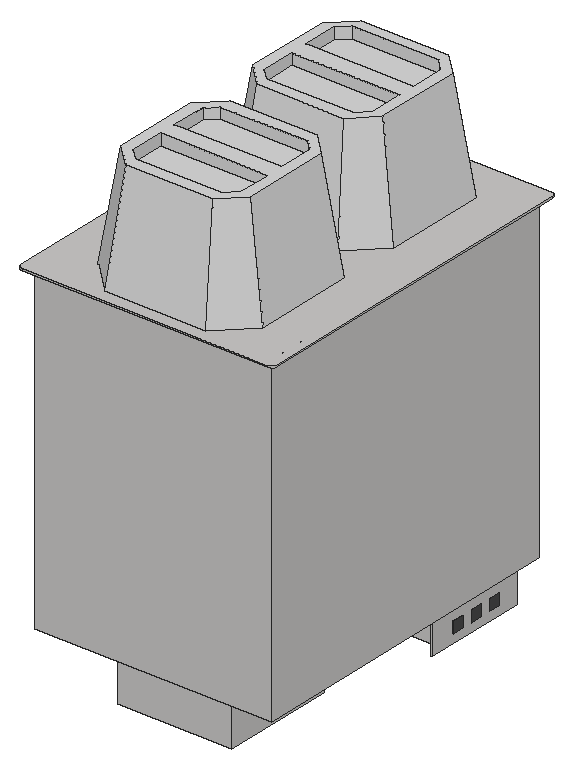
Revit family "QF_ELECTROLUXPROFESSIONAL_341165_D33H", category Attrezzature speciali, Revit 2018
Family settings
  Quota connettore circolare = Usa diametro
  Tipo di parte = Normale
  Basato su piano di lavoro = No
  Sempre verticale = Sì
  Taglio con vuoti quando caricato = No
  Condiviso = No
  Punto di calcolo locali = No
Parameters (values of type "Standard")
  Weight = 0.00 kg
  Watts = 0 W
  Volts = 0 V
  URL Manufacturer = "https://www.electroluxprofessional.com/"
  URL = "https://www.electroluxprofessional.com/"
  Steam Supply Size = 0 mm
  Steam Supply Minimum Pressure = 0.0 Pa
  Steam Supply Maximum Pressure = 0.0 Pa
  Steam Consumption per Hour = 0
  Show Clearance [instance] = yes
  Refrigeration Suction Line Size = 0 mm
  Refrigeration Liquid Line Size = 0 mm
  Refrigerant Compressor Remote = yes
  Produttore = "Electrolux Professional"
  Phase = 0
  Modello = "D33H"
  Length Actual = 0 mm  # constant formula
  Item Number = "341165"
  Hot Water Size = 0 mm
  Height Actual = 0 mm  # constant formula
  HP = "0 HP"
  Gas Size = 0 mm
  Gas KW = 0
  Gas Input Pressure = 0 W
  Direct Waste Size = 0 mm
  Descrizione = "DROP-IN DOUBLE CYLINDERS PLATE DISPENSER HEATED, PLATE DIAMETER 180-240 MM"
  Depth Actual = 0 mm  # constant formula
  Cycle = 0 Hz
  Controller_Y [instance] = 500 mm
  Controller_1Z [instance] = 300 mm
  Controller_1X [instance] = 400 mm
  Condensate Return Size = 0 mm
  Compressed Air Volume = 0.0 L/s
  Compressed Air Size = 0 mm
  Compressed Air Pressure = 0.0 Pa
  Cold Water Size = 0 mm
  Accessory = yes
Reference planes
  plane 1 "Centro (Fronte/Retro)": y = 74.737
  plane 2: z = 0
  plane 3 "BACK": y = 384.737
  plane 4 "FRONT": y = -235.263
  plane 5 "RIGHT": x = -289.269
  plane 6 "LEFT": x = -739.269
  plane 7: x = -514.269
  plane 8 "TOP": z = 900
  plane 9: y = 367.737
  plane 10: y = -218.263
  plane 11: x = -306.769
  plane 12: x = -721.769
  plane 13: z = 898
  plane 14: z = 230
  plane 15: z = 624.1
  plane 16: z = 300
  plane 17: y = 264.737
  plane 18: x = -339.269
Forms (mm)
  Extrusion 1, solid, material "QF_Finishes_Stainless Steel"
    sketch origin (0, 0, 900) x (-1, 0, 0) y (0, -1, 0)
      loop
        arc (729.269, -384.737) -> (736.34, -381.808) -> (739.269, -374.737) r 10
        line (739.269, -374.737) -> (739.269, 225.263)
        arc (739.269, 225.263) -> (736.34, 232.334) -> (729.269, 235.263) r 10
        line (729.269, 235.263) -> (299.269, 235.263)
        arc (299.269, 235.263) -> (292.198, 232.334) -> (289.269, 225.263) r 10
        line (289.269, 225.263) -> (289.269, -374.737)
        arc (289.269, -374.737) -> (292.198, -381.808) -> (299.269, -384.737) r 10
        line (299.269, -384.737) -> (729.269, -384.737)
    from 0 to -2
  Extrusion 2, solid, material "QF_Finishes_Stainless Steel"
    sketch origin (0, 0, 900) x (-1, 0, 0) y (0, -1, 0)
      loop
        line (306.769, -367.737) -> (721.769, -367.737) -> (721.769, 218.263) -> (306.769, 218.263) -> (306.769, -367.737)
    from -2 to -570
  Blend 3, solid, material "QF_Plastic-Gray"
    base sketch origin (0, 0, 0) x (1, 0, 0) y (0, 1, 0)
      loop
        line (-603.269, 74.737) -> (-658.269, 19.737) -> (-658.269, -158.263) -> (-603.269, -213.263) -> (-425.269, -213.263) -> (-370.269, -158.263) -> (-370.269, 19.737) -> (-425.269, 74.737) -> (-603.269, 74.737)
    top sketch origin (0, 0, 0) x (1, 0, 0) y (0, 1, 0)
      loop
        line (-590.842, 44.737) -> (-628.269, 7.311) -> (-628.269, -145.837) -> (-590.842, -183.263) -> (-437.695, -183.263) -> (-400.269, -145.837) -> (-400.269, 7.311) -> (-437.695, 44.737) -> (-590.842, 44.737)
    from 900 to 1090
  Extrusion 4, void
    sketch origin (0, 0, 1090) x (0, 1, 0) y (1, 0, 0)
      loop
        line (-163.263, -437.695) -> (-163.263, -590.842) -> (-145.837, -608.269) -> (-84.263, -608.269) -> (-84.263, -418.982) -> (-144.55, -418.982) -> (-163.263, -437.695)
    from 0 to 20
  Extrusion 5, void
    sketch origin (0, -138.526, 1090) x (0, 1, 0) y (1, 0, 0)
      loop
        line (163.263, -437.695) -> (144.55, -418.982) -> (84.263, -418.982) -> (84.263, -608.269) -> (145.837, -608.269) -> (163.263, -590.842) -> (163.263, -437.695)
    from 0 to 20
  Blend 6, solid, material "QF_Plastic-Gray"
    base sketch origin (0, 288, 0) x (1, 0, 0) y (0, 1, 0)
      loop
        line (-603.269, 74.737) -> (-658.269, 19.737) -> (-658.269, -158.263) -> (-603.269, -213.263) -> (-425.269, -213.263) -> (-370.269, -158.263) -> (-370.269, 19.737) -> (-425.269, 74.737) -> (-603.269, 74.737)
    top sketch origin (0, 288, 0) x (1, 0, 0) y (0, 1, 0)
      loop
        line (-590.842, 44.737) -> (-628.269, 7.311) -> (-628.269, -145.837) -> (-590.842, -183.263) -> (-437.695, -183.263) -> (-400.269, -145.837) -> (-400.269, 7.311) -> (-437.695, 44.737) -> (-590.842, 44.737)
    from 900 to 1090
  Extrusion 7, void
    sketch origin (0, 288, 1090) x (0, 1, 0) y (1, 0, 0)
      loop
        line (-163.263, -437.695) -> (-163.263, -590.842) -> (-145.837, -608.269) -> (-84.263, -608.269) -> (-84.263, -418.982) -> (-144.55, -418.982) -> (-163.263, -437.695)
    from 0 to 20
  Extrusion 8, void
    sketch origin (0, 149.474, 1090) x (0, 1, 0) y (1, 0, 0)
      loop
        line (163.263, -437.695) -> (144.55, -418.982) -> (84.263, -418.982) -> (84.263, -608.269) -> (145.837, -608.269) -> (163.263, -590.842) -> (163.263, -437.695)
    from 0 to 20
Cuts and joins
  Extrusion 4, Extrusion 5 cuts Blend 3
  Extrusion 7, Extrusion 8 cuts Blend 6
Lines and regions (mm)
  symbolic lines
    curve 1: line (-299.269, 384.737, 900) -> (-729.269, 384.737, 900)
    curve 2: arc (-729.269, 384.737, 900) -> (-736.34, 381.808, 900) -> (-739.269, 374.737, 900) r 10
    curve 3: line (-739.269, 374.737, 900) -> (-739.269, -225.263, 900)
    curve 4: arc (-739.269, -225.263, 900) -> (-736.34, -232.334, 900) -> (-729.269, -235.263, 900) r 10
    curve 5: line (-729.269, -235.263, 900) -> (-299.269, -235.263, 900)
    curve 6: arc (-299.269, -235.263, 900) -> (-292.198, -232.334, 900) -> (-289.269, -225.263, 900) r 10
    curve 7: line (-289.269, -225.263, 900) -> (-289.269, 374.737, 900)
    curve 8: arc (-289.269, 374.737, 900) -> (-292.198, 381.808, 900) -> (-299.269, 384.737, 900) r 10
    curve 9: line (-658.269, 307.737, 900) -> (-603.269, 362.737, 900)
    curve 10: line (-603.269, 362.737, 900) -> (-425.269, 362.737, 900)
    curve 11: line (-425.269, 362.737, 900) -> (-370.269, 307.737, 900)
    curve 12: line (-370.269, 307.737, 900) -> (-370.269, 129.737, 900)
    curve 13: line (-370.269, 129.737, 900) -> (-425.269, 74.737, 900)
    curve 14: line (-425.269, 74.737, 900) -> (-603.269, 74.737, 900)
    curve 15: line (-603.269, 74.737, 900) -> (-658.269, 129.737, 900)
    curve 16: line (-658.269, 129.737, 900) -> (-658.269, 307.737, 900)
    curve 17: line (-437.695, 332.737, 900) -> (-590.842, 332.737, 900)
    curve 18: line (-590.842, 332.737, 900) -> (-628.269, 295.311, 900)
    curve 19: line (-628.269, 295.311, 900) -> (-628.269, 142.163, 900)
    curve 20: line (-628.269, 142.163, 900) -> (-590.842, 104.737, 900)
    curve 21: line (-590.842, 104.737, 900) -> (-437.695, 104.737, 900)
    curve 22: line (-437.695, 104.737, 900) -> (-400.269, 142.163, 900)
    curve 23: line (-400.269, 142.163, 900) -> (-400.269, 295.311, 900)
    curve 24: line (-400.269, 295.311, 900) -> (-437.695, 332.737, 900)
    curve 25: line (-608.269, 233.737, 900) -> (-608.269, 295.311, 900)
    curve 26: line (-608.269, 295.311, 900) -> (-590.842, 312.737, 900)
    curve 27: line (-590.842, 312.737, 900) -> (-437.695, 312.737, 900)
    curve 28: line (-437.695, 312.737, 900) -> (-418.982, 294.024, 900)
    curve 29: line (-418.982, 294.024, 900) -> (-418.982, 233.737, 900)
    curve 30: line (-418.982, 233.737, 900) -> (-608.269, 233.737, 900)
    curve 31: line (-608.269, 142.163, 900) -> (-608.269, 203.737, 900)
    curve 32: line (-608.269, 203.737, 900) -> (-418.982, 203.737, 900)
    curve 33: line (-418.982, 203.737, 900) -> (-418.982, 143.45, 900)
    curve 34: line (-418.982, 143.45, 900) -> (-437.695, 124.737, 900)
    curve 35: line (-437.695, 124.737, 900) -> (-590.842, 124.737, 900)
    curve 36: line (-590.842, 124.737, 900) -> (-608.269, 142.163, 900)
    curve 37: line (-608.269, -54.263, 900) -> (-608.269, 7.311, 900)
    curve 38: line (-608.269, 7.311, 900) -> (-590.842, 24.737, 900)
    curve 39: line (-590.842, 24.737, 900) -> (-437.695, 24.737, 900)
    curve 40: line (-437.695, 24.737, 900) -> (-418.982, 6.024, 900)
    curve 41: line (-418.982, 6.024, 900) -> (-418.982, -54.263, 900)
    curve 42: line (-418.982, -54.263, 900) -> (-608.269, -54.263, 900)
    curve 43: line (-608.269, -145.837, 900) -> (-608.269, -84.263, 900)
    curve 44: line (-608.269, -84.263, 900) -> (-418.982, -84.263, 900)
    curve 45: line (-418.982, -84.263, 900) -> (-418.982, -144.55, 900)
    curve 46: line (-418.982, -144.55, 900) -> (-437.695, -163.263, 900)
    curve 47: line (-437.695, -163.263, 900) -> (-590.842, -163.263, 900)
    curve 48: line (-590.842, -163.263, 900) -> (-608.269, -145.837, 900)
    curve 49: line (-628.269, 7.311, 900) -> (-628.269, -145.837, 900)
    curve 50: line (-628.269, -145.837, 900) -> (-590.842, -183.263, 900)
    curve 51: line (-590.842, -183.263, 900) -> (-437.695, -183.263, 900)
    curve 52: line (-437.695, -183.263, 900) -> (-400.269, -145.837, 900)
    curve 53: line (-400.269, -145.837, 900) -> (-400.269, 7.311, 900)
    curve 54: line (-400.269, 7.311, 900) -> (-437.695, 44.737, 900)
    curve 55: line (-437.695, 44.737, 900) -> (-590.842, 44.737, 900)
    curve 56: line (-590.842, 44.737, 900) -> (-628.269, 7.311, 900)
    curve 57: line (-658.269, 19.737, 900) -> (-603.269, 74.737, 900)
    curve 58: line (-658.269, -158.263, 900) -> (-658.269, 19.737, 900)
    curve 59: line (-603.269, -213.263, 900) -> (-658.269, -158.263, 900)
    curve 60: line (-425.269, -213.263, 900) -> (-603.269, -213.263, 900)
    curve 61: line (-370.269, -158.263, 900) -> (-425.269, -213.263, 900)
    curve 62: line (-370.269, 19.737, 900) -> (-370.269, -158.263, 900)
    curve 63: line (-425.269, 74.737, 900) -> (-370.269, 19.737, 900)
Dimensions and locks
  plane 6 "LEFT" to plane 5 "RIGHT" = 450 mm
  equal spacing: plane 3 "BACK", plane 1 "Centro (Fronte/Retro)", plane 4 "FRONT"
  plane 3 "BACK" to plane 4 "FRONT" = 620 mm
  equal spacing: plane 6 "LEFT", plane 7, plane 5 "RIGHT"
  locked: plane 8 "TOP" to plane 2 at 900
  locked: plane 6 "LEFT" to plane 12 at 17.5
  locked: plane 11 to plane 5 "RIGHT" at 17.5
  locked: plane 3 "BACK" to plane 9 at 17
  locked: plane 10 to plane 4 "FRONT" at 17
  locked: plane 8 "TOP" to plane 13 at 2
  plane 8 "TOP" to plane 14 = 670 mm
  locked: plane 8 "TOP" to plane 15 at 275.9
  plane 11 to plane 12 = 415 mm  (x2)
  plane 10 to plane 9 = 586 mm
  plane 12 to plane 11 = 415 mm
  "Controller_1Z": plane 16 to plane 2
  "Controller_Y": plane 17 to plane 4 "FRONT"
  "Controller_1X": plane 6 "LEFT" to plane 18
  cut or joined group of Blend 3, Extrusion 4, Extrusion 5 to plane 14 = 860 mm
  aligned and locked: level to plane 2
  aligned and locked: Extrusion 1 sketch curve to plane 3 "BACK"
  aligned and locked: plane 6 "LEFT" to Extrusion 1 sketch curve
  aligned and locked: plane 4 "FRONT" to Extrusion 1 sketch curve
  aligned and locked: Extrusion 1 sketch curve to plane 5 "RIGHT"
  aligned and locked: Extrusion 1 to plane 13
  aligned and locked: plane 9 to Extrusion 2 sketch curve
  aligned and locked: plane 11 to Extrusion 2 sketch curve
  aligned and locked: Extrusion 2 sketch curve to plane 10
  aligned and locked: Extrusion 2 sketch curve to plane 12
  aligned and locked: Extrusion 2 to Extrusion 1
  aligned and locked: plane 16 to nested 2
  aligned and locked: plane 17 to nested 2
  aligned and locked: plane 18 to nested 2
Automatic sketch dimensions
  Extrusion 1 sketch curve to plane 5 "RIGHT" = 10 mm  (x2)
  Extrusion 1 sketch curve to plane 3 "BACK" = 10 mm
  plane 4 "FRONT" to Extrusion 1 sketch curve = 10 mm
  curve 7 to plane 5 "RIGHT" = 0 mm
  curve 8 to plane 3 "BACK" = 0 mm
  curve 5 to plane 4 "FRONT" = 0 mm
  curve 3 to plane 6 "LEFT" = 0 mm
  plane 4 "FRONT" to curve 6 = 10 mm
  curve 8 to plane 3 "BACK" = 10 mm
  plane 6 "LEFT" to curve 1 = 10 mm
  plane 6 "LEFT" to curve 5 = 10 mm
  plane 1 "Centro (Fronte/Retro)" to Blend 3 sketch curve = 0 mm
  plane 12 to Blend 3 sketch curve = 63.5 mm
  plane 10 to Blend 3 sketch curve = 5 mm
  Blend 3 sketch curve to Blend 3 sketch curve = 55 mm  (x2)
  Blend 3 sketch curve to plane 18 = 86 mm  (x2)
  Blend 3 sketch curve to plane 18 = 31 mm
  plane 10 to Blend 3 sketch curve = 60 mm  (x2)
  plane 1 "Centro (Fronte/Retro)" to Blend 3 sketch curve = 55 mm  (x2)
  plane 12 to Blend 3 sketch curve = 93.5 mm
  plane 10 to Blend 3 sketch curve = 35 mm
  Blend 3 sketch curve to Blend 3 sketch curve = 37.426 mm  (x7)
  plane 1 "Centro (Fronte/Retro)" to Blend 3 sketch curve = 30 mm
  plane 7 to Blend 3 sketch curve = 76.574 mm  (x2)
  Extrusion 4 sketch curve to Blend 3 = 20 mm  (x2)
  Extrusion 4 sketch curve to Extrusion 4 sketch curve = 17.426 mm
  Extrusion 4 sketch curve to Extrusion 4 sketch curve = 18.713 mm  (x2)
  Extrusion 4 sketch curve to Blend 3 = 18.713 mm
  Extrusion 4 sketch curve to Extrusion 4 sketch curve = 60.287 mm
  Extrusion 4 sketch curve to Blend 3 = 37.426 mm
  Extrusion 5 sketch curve to Blend 3 = 20 mm  (x2)
  Extrusion 5 sketch curve to Blend 3 = 99 mm
  Extrusion 5 sketch curve to Blend 3 = 18.713 mm
  Extrusion 5 sketch curve to Blend 3 = 38.713 mm
  Extrusion 5 sketch curve to Blend 3 = 37.426 mm
  Extrusion 5 sketch curve to Extrusion 5 sketch curve = 18.713 mm
  Extrusion 5 sketch curve to Extrusion 5 sketch curve = 17.426 mm
  plane 1 "Centro (Fronte/Retro)" to Blend 6 sketch curve = 0 mm
  plane 12 to Blend 6 sketch curve = 63.5 mm
  Blend 6 sketch curve to Blend 6 sketch curve = 55 mm  (x2)
  Blend 6 sketch curve to plane 9 = 5 mm
  Blend 6 sketch curve to plane 18 = 86 mm  (x2)
  Blend 6 sketch curve to plane 18 = 31 mm
  Blend 6 sketch curve to plane 1 "Centro (Fronte/Retro)" = 55 mm  (x2)
  plane 17 to Blend 6 sketch curve = 43 mm  (x2)
  plane 17 to Blend 6 sketch curve = 30.574 mm  (x2)
  plane 12 to Blend 6 sketch curve = 93.5 mm
  Blend 6 sketch curve to plane 1 "Centro (Fronte/Retro)" = 30 mm
  Blend 6 sketch curve to Blend 6 sketch curve = 37.426 mm  (x5)
  Blend 6 sketch curve to plane 9 = 35 mm
  plane 7 to Blend 6 sketch curve = 76.574 mm  (x2)
  Extrusion 7 sketch curve to Blend 6 = 20 mm  (x2)
  Extrusion 7 sketch curve to Extrusion 7 sketch curve = 17.426 mm
  Extrusion 7 sketch curve to Extrusion 7 sketch curve = 18.713 mm  (x2)
  Extrusion 7 sketch curve to Blend 6 = 18.713 mm
  Extrusion 7 sketch curve to Extrusion 7 sketch curve = 60.287 mm
  Extrusion 7 sketch curve to Blend 6 = 37.426 mm
  Extrusion 8 sketch curve to Blend 6 = 20 mm  (x2)
  Extrusion 8 sketch curve to Blend 6 = 99 mm
  Extrusion 8 sketch curve to Blend 6 = 18.713 mm
  Extrusion 8 sketch curve to Blend 6 = 38.713 mm
  Extrusion 8 sketch curve to Blend 6 = 37.426 mm
  Extrusion 8 sketch curve to Extrusion 8 sketch curve = 18.713 mm
  Extrusion 8 sketch curve to Extrusion 8 sketch curve = 17.426 mm
  plane 1 "Centro (Fronte/Retro)" to curve 14 = 0 mm
  curve 12 to plane 18 = 31 mm
  curve 11 to plane 9 = 5 mm
  curve 11 to curve 11 = 55 mm
  curve 15 to plane 7 = 89 mm
  curve 10 to plane 7 = 89 mm
  plane 12 to curve 16 = 63.5 mm
  plane 17 to curve 16 = 43 mm
  plane 17 to curve 11 = 43 mm
  curve 15 to plane 1 "Centro (Fronte/Retro)" = 55 mm
  curve 13 to plane 1 "Centro (Fronte/Retro)" = 55 mm
  curve 11 to curve 24 = 30 mm
  curve 22 to plane 1 "Centro (Fronte/Retro)" = 30 mm
  curve 13 to curve 22 = 12.426 mm
  curve 24 to plane 9 = 35 mm
  curve 10 to curve 24 = 12.426 mm
  curve 20 to curve 14 = 12.426 mm
  curve 17 to curve 9 = 12.426 mm
  curve 20 to curve 15 = 30 mm
  plane 17 to curve 24 = 30.574 mm
  plane 17 to curve 19 = 30.574 mm
  curve 20 to curve 15 = 12.426 mm
  curve 22 to curve 12 = 12.426 mm
  curve 30 to plane 17 = 31 mm
  curve 23 to curve 30 = 18.713 mm
  curve 28 to curve 17 = 0 mm
  curve 26 to curve 17 = 0 mm
  curve 25 to curve 18 = 20 mm
  curve 17 to curve 27 = 20 mm
  curve 18 to curve 26 = 0 mm
  curve 23 to curve 29 = 1.287 mm
  curve 22 to curve 34 = 18.713 mm
  curve 35 to curve 21 = 0 mm
  curve 35 to curve 20 = 0 mm
  curve 32 to curve 25 = 0 mm
  curve 25 to curve 31 = 30 mm
  curve 33 to curve 22 = 1.287 mm
  curve 19 to curve 31 = 0 mm
  curve 35 to curve 20 = 20 mm
  curve 40 to curve 13 = 6.287 mm
  curve 40 to curve 40 = 18.713 mm
  curve 39 to curve 14 = 12.426 mm
  curve 38 to curve 37 = 17.426 mm  (x2)
  plane 1 "Centro (Fronte/Retro)" to curve 38 = 50 mm
  curve 39 to curve 41 = 18.713 mm
  curve 38 to curve 42 = 61.574 mm
  curve 46 to plane 18 = 79.713 mm
  curve 46 to curve 47 = 18.713 mm  (x2)
  curve 48 to plane 7 = 76.574 mm
  curve 47 to curve 48 = 17.426 mm
  curve 37 to curve 43 = 30 mm
  curve 44 to curve 46 = 60.287 mm
  curve 43 to curve 43 = 61.574 mm
  curve 54 to curve 40 = 18.713 mm
  curve 55 to curve 39 = 0 mm
  plane 10 to curve 52 = 35 mm
  curve 52 to curve 46 = 0 mm
  plane 1 "Centro (Fronte/Retro)" to curve 56 = 30 mm
  curve 56 to curve 38 = 0 mm
  curve 51 to curve 47 = 0 mm
  curve 37 to curve 56 = 20 mm
  curve 56 to curve 37 = 0 mm
  curve 54 to curve 40 = 1.287 mm
  curve 45 to curve 52 = 1.287 mm
  curve 50 to curve 43 = 0 mm
  plane 1 "Centro (Fronte/Retro)" to curve 57 = 55 mm
  curve 49 to curve 58 = 12.426 mm
  plane 10 to curve 59 = 5 mm
  curve 50 to curve 59 = 12.426 mm
  curve 60 to curve 51 = 12.426 mm
  curve 61 to plane 18 = 31 mm
  curve 52 to curve 61 = 12.426 mm
  curve 62 to curve 53 = 12.426 mm
Nested families
  nested 1: "Remote_Electrical_Box" at (-514.269, -70.263, 230) x (-1, 0, 0) z (0, 0, 1), type "Remote_Electrical_Box"
  nested 2: "Controller" at (-339.269, 264.737, 300) x (0, 1, 0) z (0, 0, 1), type "Controller"
Connectors
  electrical at (-437.323, 318.862, 279)
    settings: on nested 2, index 1, voltage 0 V, apparent load 0 VA, apparent load phase1 0 VA, apparent load phase2 0 VA, apparent load phase3 0 VA, power factor 1, load classification "Altro", number of poles 1, system type 30, power factor state 1, is connector primary yes, connector utility no, sub classification motor no, connector description "Electrical Connection"
Definition of nested family "Remote_Electrical_Box"
  Parameters (values of type "Remote_Electrical_Box")
    Default Elevation = 1219.2 mm
  Reference planes
    plane 1 "Center (Front/Back)": y = 0
    plane 2: z = 0
    plane 3 "Center (Left/Right)": x = 0
    plane 4: x = -100
    plane 5: x = 100
    plane 6: y = 100
    plane 7: y = -100
    plane 8: z = 100
    plane 9: z = 50
  Forms (mm)
    Extrusion 1, solid
      sketch origin (0, 0, 0) x (1, 0, 0) y (0, 1, 0)
        loop
          line (-100, 100) -> (-100, -100) -> (100, -100) -> (100, 100) -> (-100, 100)
      from 0 to 100
  Lines and regions (mm)
    symbolic lines
      curve 1: line (-100, 100, 0) -> (100, 100, 0)
      curve 2: line (-100, -100, 0) -> (-100, 100, 0)
      curve 3: line (100, -100, 0) -> (-100, -100, 0)
      curve 4: line (100, 100, 0) -> (100, -100, 0)
  Dimensions and locks
    equal spacing: plane 4, plane 3 "Center (Left/Right)", plane 5
    equal spacing: plane 6, plane 1 "Center (Front/Back)", plane 7
    plane 4 to plane 5 = 200 mm
    plane 6 to plane 7 = 200 mm
    equal spacing: plane 8, plane 9, plane 2
    aligned and locked: level to plane 2
    aligned and locked: Extrusion 1 sketch curve to plane 6
    aligned and locked: plane 4 to Extrusion 1 sketch curve
    aligned and locked: plane 7 to Extrusion 1 sketch curve
    aligned and locked: Extrusion 1 sketch curve to plane 5
    aligned and locked: plane 8 to Extrusion 1
  Automatic sketch dimensions
    curve 3 to plane 4 = 0 mm
    curve 3 to plane 5 = 0 mm
    curve 2 to plane 6 = 0 mm
    curve 2 to plane 7 = 0 mm
Definition of nested family "Controller"
  Reference planes
    plane 1 "Center (Front/Back)": y = 0
    plane 2: z = 0
    plane 3 "Center (Left/Right)": x = 0
  Forms (mm)
    Extrusion 1, solid
      sketch origin (0, 44.769, -48.2) x (1, 0, 0) y (0, 1, 0)
        loop
          line (-76, 43.253) -> (-76, -47.65) -> (76, -47.65) -> (76, 43.253) -> (-76, 43.253)
      from 6.2 to 48.2
    Extrusion 2, solid
      sketch origin (0, 44.769, -48.2) x (1, 0, 0) y (0, 0, 1)
        loop
          line (-92.25, 54.4) -> (-92.25, 0) -> (92.25, 0) -> (92.25, 54.4) -> (-92.25, 54.4)
        loop
          line (-76, 48.2) -> (-76, 6.2) -> (76, 6.2) -> (76, 48.2) -> (-76, 48.2)
      from 44.769 to 47.65
    Extrusion 3, solid
      sketch origin (76, -2.881, -48.2) x (-1, 0, 0) y (0, 0, -1)
        loop
          line (106, -37.2) -> (126, -37.2) -> (126, -17.2) -> (106, -17.2) -> (106, -37.2)
        loop
          line (66, -37.2) -> (86, -37.2) -> (86, -17.2) -> (66, -17.2) -> (66, -37.2)
        loop
          line (26, -37.2) -> (46, -37.2) -> (46, -17.2) -> (26, -17.2) -> (26, -37.2)
      from 0 to 2
    Extrusion 4, void
      sketch origin (0, 0, 0) x (1, 0, 0) y (0, 1, 0)
        loop
          line (76, 88) -> (-76, 88) -> (-76, 0) -> (76, 0) -> (76, 88)
      from 0 to -42
    Extrusion 5, solid
      sketch origin (0, 0, 0) x (1, 0, 0) y (0, 0, 1)
        loop
          circle (54.125, -21) r 10
      from -98.055 to -88.022
  Cuts and joins
    Extrusion 4 cuts Extrusion 2
    joined: Extrusion 1, Extrusion 2
  Lines and regions (mm)
    symbolic lines
      curve 1: line (-76, 88, 0) -> (-76, 0, 0)
      curve 2: line (76, 88, 0) -> (-76, 88, 0)
      curve 3: line (76, 0, 0) -> (76, 88, 0)
      curve 4: line (-92.25, -2.881, 0) -> (92.25, -2.881, 0)
      curve 5: line (-92.25, 0, 0) -> (-92.25, -2.881, 0)
      curve 6: line (92.25, 0, 0) -> (-92.25, 0, 0)
      curve 7: line (92.25, -2.881, 0) -> (92.25, 0, 0)
  Dimensions and locks
    aligned and locked: level to plane 2
    aligned and locked: Extrusion 5 to cut or joined group of Extrusion 1, Extrusion 2, Extrusion 4
